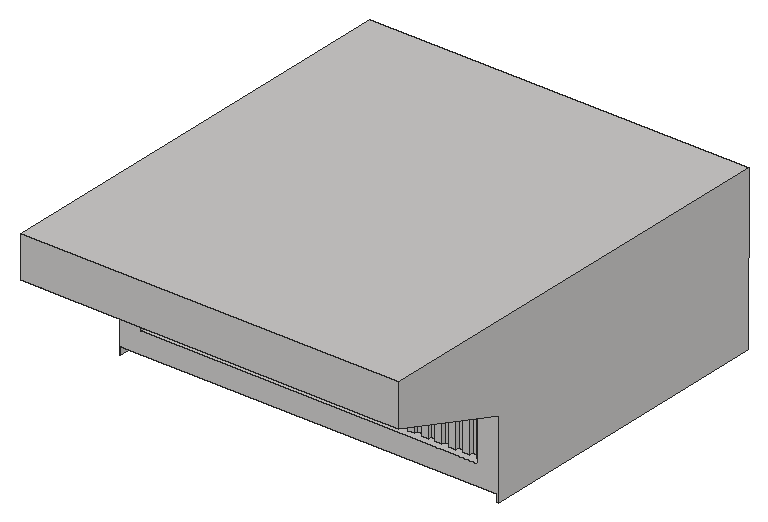
Revit family "QF_ZANUSSI_922726_HOCOST61021", category Specialty Equipment, Revit 2021
Family settings
  Round Connector Dimension = Use Diameter
  Part Type = Normal
  Work Plane-Based = No
  Always vertical = Yes
  Cut with Voids When Loaded = No
  Shared = No
  Room Calculation Point = No
Parameters
  Weight = 86.00 kg
  Watts = 0 W
  Volts = 220 V
  URL Manufacturer = "http://www.zanussiprofessional.com"
  URL = "http://www.zanussiprofessional.com"
  Steam Supply Size = 0 mm
  Steam Supply Minimum Pressure = 0.0 Pa
  Steam Supply Maximum Pressure = 0.0 Pa
  Steam Pounds per Hour = 0
  Show Logo [instance] = yes
  Show Clearance [instance] = yes
  Refrigeration Suction Line Size = 0 mm
  Refrigeration Liquid Line Size = 0 mm
  Refrigerant Compressor Remote = yes
  Manufacturer = "Zanussi"
  Phase = 1
  Model = "HOCS21E"
  Length Actual = 1098 mm
  Item Number = "922726"
  Hot Water Size = 0 mm
  Height Actual = 450 mm
  HP = "0.5 HP"
  Gas Size = 0 mm
  Gas KW = 0
  Gas Input Pressure = 0 W
  Direct Waste Size = 20 mm
  Description = "CONDENSATION HOOD WITH FAN FOR STACKING 6+6&10 GN 2/1 ELECTRIC OVENS"
  Depth Actual = 1266 mm
  Default Elevation = 0 mm
  Cycle = 50 Hz
  Condensate Return Size = 0 mm
  Compressed Air Volume = 0.0 L/s
  Compressed Air Size = 0 mm
  Compressed Air Pressure = 0.0 Pa
  Cold Water Size = 0 mm
  Accessory = no
Reference planes
  plane 1 "Center X": y = 190.351
  plane 2: z = 0
  plane 3 "Center Y": x = -215
  plane 4 "LEFT": x = -760
  plane 5 "BACK": y = 675.851
  plane 6 "RIGHT": x = 330
  plane 7 "FRONT": y = -295.149
  plane 8 "TOP": z = 1728
  plane 9: y = -590.149
  plane 10: x = -764
  plane 11: x = 334
  plane 12: z = 2178
Forms (mm)
  Extrusion 1, solid, material "QF_Clearance", visible <- "Show Clearance", detail levels coarse
    sketch origin (0, 0, 0) x (1, 0, 0) y (0, 1, 0)
      loop
        line (-764, 675.851) -> (334, 675.851) -> (334, 825.851) -> (-764, 825.851) -> (-764, 675.851)
    from 1707 to 2178
  Extrusion 2, solid, material "QF_Clearance", visible <- "Show Clearance", detail levels coarse
    sketch origin (-1150.39, -1524, 2178) x (-1, 0, 0) y (0, -1, 0)
      loop
        line (-386.39, -933.851) -> (-1484.39, -933.851) -> (-1484.39, -2349.851) -> (-386.39, -2349.851) -> (-386.39, -933.851)
    from 450 to 0
  Extrusion 3, solid, material "QF_Finishes_Stainless Steel"
    sketch origin (-215, 0, 0) x (0, 1, 0) y (0, 0, 1)
      loop
        line (675.851, 1728) -> (675.851, 2178) -> (-590.149, 2178) -> (-590.149, 2057.936) -> (-230.149, 1933.979) -> (-230.149, 1728) -> (675.851, 1728)
    from -549 to -489
  Extrusion 4, solid, material "QF_Finishes_Stainless Steel"
    sketch origin (-215, 0, 0) x (0, 1, 0) y (0, 0, 1)
      loop
        line (675.851, 1728) -> (675.851, 2178) -> (-590.149, 2178) -> (-590.149, 2057.936) -> (-230.149, 1933.979) -> (-230.149, 1728) -> (675.851, 1728)
    from 549 to 489
  Extrusion 5, solid, material "QF_Finishes_Stainless Steel"
    sketch origin (-215, 0, 0) x (0, 1, 0) y (0, 0, 1)
      loop
        line (675.851, 1728) -> (675.851, 2178) -> (-590.149, 2178) -> (-590.149, 2057.936) -> (-210.149, 2057.936) -> (-210.149, 1788) -> (-230.149, 1788) -> (-230.149, 1728) -> (675.851, 1728)
    from -489 to 489
  Extrusion 6, solid, material "QF_Finishes_Stainless Steel"
    sketch origin (0, -295.149, 0) x (-1, 0, 0) y (0, 0, 1)
      loop
        line (764, 1728) -> (760, 1728) -> (760, 1707) -> (764, 1707) -> (764, 1728)
      loop
        line (-330, 1728) -> (-334, 1728) -> (-334, 1707) -> (-330, 1707) -> (-330, 1728)
    from 65 to 971
  Extrusion 7, void
    sketch origin (0, 0, 0) x (1, 0, 0) y (0, 1, 0)
      loop
        line (-685, -200.149) -> (-685, -210.149) -> (-665, -210.149) -> (-665, -200.149) -> (-685, -200.149)
      loop
        line (-645, -200.149) -> (-645, -210.149) -> (-625, -210.149) -> (-625, -200.149) -> (-645, -200.149)
      loop
        line (-605, -200.149) -> (-605, -210.149) -> (-585, -210.149) -> (-585, -200.149) -> (-605, -200.149)
      loop
        line (-565, -200.149) -> (-565, -210.149) -> (-545, -210.149) -> (-545, -200.149) -> (-565, -200.149)
      loop
        line (-525, -200.149) -> (-525, -210.149) -> (-505, -210.149) -> (-505, -200.149) -> (-525, -200.149)
      loop
        line (-485, -200.149) -> (-485, -210.149) -> (-465, -210.149) -> (-465, -200.149) -> (-485, -200.149)
      loop
        line (-445, -200.149) -> (-445, -210.149) -> (-425, -210.149) -> (-425, -200.149) -> (-445, -200.149)
      loop
        line (-405, -200.149) -> (-405, -210.149) -> (-385, -210.149) -> (-385, -200.149) -> (-405, -200.149)
      loop
        line (-365, -200.149) -> (-365, -210.149) -> (-345, -210.149) -> (-345, -200.149) -> (-365, -200.149)
      loop
        line (-325, -200.149) -> (-325, -210.149) -> (-305, -210.149) -> (-305, -200.149) -> (-325, -200.149)
      loop
        line (-285, -200.149) -> (-285, -210.149) -> (-265, -210.149) -> (-265, -200.149) -> (-285, -200.149)
      loop
        line (-245, -200.149) -> (-245, -210.149) -> (-225, -210.149) -> (-225, -200.149) -> (-245, -200.149)
      loop
        line (-205, -200.149) -> (-205, -210.149) -> (-185, -210.149) -> (-185, -200.149) -> (-205, -200.149)
      loop
        line (-165, -200.149) -> (-165, -210.149) -> (-145, -210.149) -> (-145, -200.149) -> (-165, -200.149)
      loop
        line (-125, -200.149) -> (-125, -210.149) -> (-105, -210.149) -> (-105, -200.149) -> (-125, -200.149)
      loop
        line (-85, -200.149) -> (-85, -210.149) -> (-65, -210.149) -> (-65, -200.149) -> (-85, -200.149)
      loop
        line (-45, -200.149) -> (-45, -210.149) -> (-25, -210.149) -> (-25, -200.149) -> (-45, -200.149)
      loop
        line (-5, -200.149) -> (-5, -210.149) -> (15, -210.149) -> (15, -200.149) -> (-5, -200.149)
      loop
        line (35, -200.149) -> (35, -210.149) -> (55, -210.149) -> (55, -200.149) -> (35, -200.149)
      loop
        line (75, -200.149) -> (75, -210.149) -> (95, -210.149) -> (95, -200.149) -> (75, -200.149)
      loop
        line (115, -200.149) -> (115, -210.149) -> (135, -210.149) -> (135, -200.149) -> (115, -200.149)
      loop
        line (155, -200.149) -> (155, -210.149) -> (175, -210.149) -> (175, -200.149) -> (155, -200.149)
      loop
        line (195, -200.149) -> (195, -210.149) -> (215, -210.149) -> (215, -200.149) -> (195, -200.149)
      loop
        line (235, -200.149) -> (235, -210.149) -> (255, -210.149) -> (255, -200.149) -> (235, -200.149)
    from 1788 to 2057.936
  Extrusion 8, solid, material "QF_Finishes_Stainless Steel"
    sketch origin (0, 675.851, 0) x (-1, 0, 0) y (0, 0, 1)
      loop
        circle (-309, 2113) r 8
      loop
        circle (215, 1746) r 7
    from 0 to 20
  Extrusion 9, solid, material "QF_Finishes_Stainless Steel"
    sketch origin (-764, 902.856, 4000) x (0, 1, 0) y (0, 0, 1)
      loop
        line (-106.005, -2270.064) -> (-106.005, -2125.063) -> (-227.005, -2004.063) -> (-227.005, -2270.064) -> (-106.005, -2270.064)
    from 365 to 50
Cuts and joins
  joined: Extrusion 1, Extrusion 2
  Extrusion 7 cuts Extrusion 5
  joined: Extrusion 3, Extrusion 4, Extrusion 5, Extrusion 6, Extrusion 8, Extrusion 9
Lines and regions (mm)
  symbolic lines, style "QF_Clearances", visible <- "Show Clearance"
    curve 1: line (334, 825.851, 0) -> (-764, 825.851, 0)
  symbolic lines, style "Linee tratto punto"
    curve 2: line (-764, 675.851, 0) -> (334, 675.851, 0)
    curve 3: line (-764, -590.149, 0) -> (-764, 675.851, 0)
    curve 4: line (334, -590.149, 0) -> (-764, -590.149, 0)
    curve 5: line (334, 675.851, 0) -> (334, -590.149, 0)
    curve 6: line (-714, 796.851, 0) -> (-714, 675.851, 0)
    curve 7: line (-399, 796.851, 0) -> (-714, 796.851, 0)
    curve 8: line (-399, 675.851, 0) -> (-399, 796.851, 0)
    curve 19: line (-764, -590.149, 0) -> (334, 675.851, 0)
    curve 20: line (-764, 675.851, 0) -> (334, -590.149, 0)
  symbolic lines
    curve 9: line (-222, 695.851, 0) -> (-208, 695.851, 0)
    curve 10: line (-208, 695.851, 0) -> (-208, 675.851, 0)
    curve 11: line (-222, 695.851, 0) -> (-222, 675.851, 0)
    curve 12: line (317, 695.851, 0) -> (317, 675.851, 0)
    curve 13: line (317, 695.851, 0) -> (301, 695.851, 0)
    curve 14: line (301, 695.851, 0) -> (301, 675.851, 0)
  symbolic lines, style "SpecialityEquipmentHiddenLines"
    curve 15: line (-111, 534.851, 0) -> (189, 534.851, 0)
    curve 16: line (-111, 234.851, 0) -> (-111, 534.851, 0)
    curve 17: line (189, 234.851, 0) -> (-111, 234.851, 0)
    curve 18: line (189, 534.851, 0) -> (189, 234.851, 0)
Dimensions and locks
  equal spacing: plane 4 "LEFT", plane 3 "Center Y", plane 6 "RIGHT"
  plane 10 to plane 11 = 1098 mm
  plane 5 "BACK" to plane 9 = 1266 mm
  equal spacing: plane 5 "BACK", plane 1 "Center X", plane 7 "FRONT"
  locked: plane 10 to plane 4 "LEFT" at 4
  locked: plane 6 "RIGHT" to plane 11 at 4
  cut or joined group of Extrusion 3, Extrusion 4, Extrusion 5, Extrusion 6, Extrusion 7, Extrusion 8, Extrusion 9 to Extrusion 8 sketch curve = 39 mm
  Extrusion 8 sketch curve to plane 12 = 65 mm
  plane 11 to Extrusion 8 sketch curve = 25 mm
  aligned and locked: level to plane 2
Automatic sketch dimensions
  Extrusion 1 sketch curve to plane 10 = 0 mm
  Extrusion 1 sketch curve to plane 11 = 0 mm
  Extrusion 1 sketch curve to plane 5 "BACK" = 0 mm
  plane 5 "BACK" to Extrusion 1 sketch curve = 150 mm
  Extrusion 2 sketch curve to plane 9 = 0 mm
  Extrusion 2 sketch curve to plane 11 = 0 mm
  Extrusion 2 sketch curve to plane 10 = 0 mm
  plane 5 "BACK" to Extrusion 2 sketch curve = 150 mm
  Extrusion 3 sketch curve to plane 9 = 0 mm
  Extrusion 3 sketch curve to plane 8 "TOP" = 0 mm
  Extrusion 3 sketch curve to plane 5 "BACK" = 0 mm
  Extrusion 3 sketch curve to plane 12 = 0 mm
  plane 7 "FRONT" to Extrusion 3 sketch curve = 65 mm
  plane 8 "TOP" to Extrusion 3 sketch curve = 205.979 mm
  Extrusion 3 sketch curve to Extrusion 3 sketch curve = 120.064 mm
  Extrusion 4 sketch curve to plane 9 = 0 mm
  Extrusion 4 sketch curve to plane 8 "TOP" = 0 mm
  Extrusion 4 sketch curve to plane 5 "BACK" = 0 mm
  Extrusion 4 sketch curve to plane 12 = 0 mm
  plane 7 "FRONT" to Extrusion 4 sketch curve = 65 mm
  plane 8 "TOP" to Extrusion 4 sketch curve = 205.979 mm
  Extrusion 4 sketch curve to Extrusion 4 sketch curve = 120.064 mm
  Extrusion 5 sketch curve to plane 9 = 0 mm
  Extrusion 5 sketch curve to plane 8 "TOP" = 0 mm
  Extrusion 5 sketch curve to plane 5 "BACK" = 0 mm
  Extrusion 5 sketch curve to plane 12 = 0 mm
  plane 7 "FRONT" to Extrusion 5 sketch curve = 65 mm
  plane 7 "FRONT" to Extrusion 5 sketch curve = 85 mm
  plane 8 "TOP" to Extrusion 5 sketch curve = 60 mm
  Extrusion 5 sketch curve to plane 12 = 120.064 mm
  Extrusion 6 sketch curve to plane 8 "TOP" = 0 mm  (x2)
  Extrusion 6 sketch curve to plane 11 = 0 mm
  Extrusion 6 sketch curve to plane 6 "RIGHT" = 0 mm
  Extrusion 6 sketch curve to plane 4 "LEFT" = 0 mm
  Extrusion 6 sketch curve to plane 10 = 0 mm
  Extrusion 6 sketch curve to plane 8 "TOP" = 21 mm
  Extrusion 6 sketch curve to Extrusion 6 sketch curve = 21 mm
  plane 4 "LEFT" to Extrusion 7 sketch curve = 75 mm
  Extrusion 7 sketch curve to Extrusion 7 sketch curve = 20 mm  (x45)
  Extrusion 7 sketch curve to plane 3 "Center Y" = 10 mm
  plane 3 "Center Y" to Extrusion 7 sketch curve = 10 mm
  plane 7 "FRONT" to Extrusion 7 sketch curve = 85 mm  (x2)
  Extrusion 7 sketch curve to Extrusion 7 sketch curve = 0 mm  (x22)
  Extrusion 7 sketch curve to Extrusion 7 sketch curve = 10 mm  (x24)
  Extrusion 8 sketch curve to plane 3 "Center Y" = 0 mm
  Extrusion 9 sketch curve to plane 5 "BACK" = 0 mm
  plane 8 "TOP" to Extrusion 9 sketch curve = 1.937 mm
  plane 5 "BACK" to Extrusion 9 sketch curve = 121 mm
  Extrusion 9 sketch curve to Extrusion 9 sketch curve = 145 mm
  Extrusion 9 sketch curve to Extrusion 9 sketch curve = 121 mm
  curve 1 to plane 10 = 0 mm
  curve 4 to plane 10 = 0 mm
  curve 1 to plane 11 = 0 mm
  curve 19 to plane 5 "BACK" = 0 mm
  curve 19 to plane 11 = 0 mm
  curve 5 to plane 9 = 0 mm
  plane 4 "LEFT" to curve 6 = 46 mm
  curve 8 to plane 3 "Center Y" = 184 mm
  curve 11 to plane 3 "Center Y" = 7 mm
  plane 3 "Center Y" to curve 9 = 7 mm
  plane 3 "Center Y" to curve 15 = 104 mm
  curve 18 to plane 6 "RIGHT" = 141 mm
  curve 14 to plane 6 "RIGHT" = 29 mm
  curve 12 to plane 6 "RIGHT" = 13 mm
  curve 17 to plane 1 "Center X" = 44.5 mm
  curve 15 to plane 5 "BACK" = 141 mm
  curve 12 to curve 13 = 20 mm
  plane 5 "BACK" to curve 11 = 20 mm
  plane 5 "BACK" to curve 7 = 121 mm
  curve 12 to curve 1 = 130 mm
  radius of Extrusion 8 sketch curve = 8 mm
  radius of Extrusion 8 sketch curve = 7 mm
Connectors
  electrical at (309, 695.851, 2113)
    settings: on cut or joined group of Extrusion 3, Extrusion 4, Extrusion 5, Extrusion 6, Extrusion 7, Extrusion 8, Extrusion 9, index 1, voltage 0 V, apparent load 0 VA, apparent load phase1 0 VA, apparent load phase2 0 VA, apparent load phase3 0 VA, power factor 1, load classification "Altro", number of poles 1, system type 30, power factor state 1, is connector primary yes, connector utility no, sub classification motor no, connector description "Electrical Connection"
  piping at (-215, 695.851, 1746), diameter 14
    settings: on cut or joined group of Extrusion 3, Extrusion 4, Extrusion 5, Extrusion 6, Extrusion 7, Extrusion 8, Extrusion 9, index 2, connector inside diameter 609.6 mm, connector length 0 mm, flow factor 0, pipe flow 0.0 L/s, pressure drop 0.0 Pa, fitting loss kfactor 0, connector angle 0.00°, fixture units 0, engagement length 0 mm, angle of deflection 0.00°, flow configuration 1, flow direction 2, fitting loss method 0, system type 16, joint type 0, gender type 0, connector reference index -1, connector utility 0, adjustable connector no, is connector primary yes, connector description "Drain"
